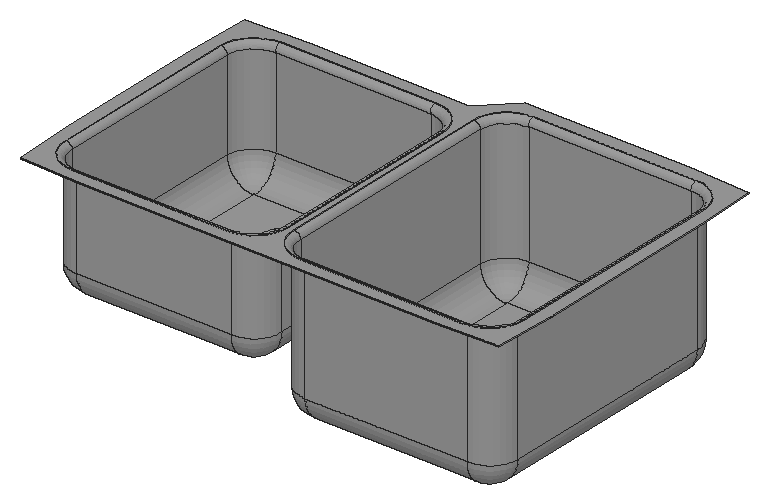
Revit family "equip-sink-undr-elkay-double-lustertone-l", category Plumbing Fixtures, Revit 2019
Family settings
  Round Connector Dimension = Use Radius
  Part Type = Normal
  OmniClass Number = 23.45.05.14.14.27
  OmniClass Title = Service Sinks
  Work Plane-Based = No
  Always vertical = Yes
  Cut with Voids When Loaded = No
  Shared = No
  Room Calculation Point = No
Parameters (values of type "ByType")
  URL = "www.elkayusa.com"
  Specification Sheet URL = "http://www.elkayusa.com/cps/rde/xbcr/elkay/01-108F_ELUH3120L_R.pdf"
  Sink Width Right = 1' - 8 1/2"  # constant formula
  Sink Width Left = 1' - 6 1/2"  # constant formula
  Sink Material = Metal - Steel - Stainless - Chrome
  Sink Length = 2' - 7 1/4"
  Sink Ledge Sides Width = Sink Ledge Corner Width  # 0' - 1 1/4"
  Sink Ledge Front Width = Sink Ledge Corner Width  # 0' - 1 1/4"
  Sink Ledge Corner Width = 0' - 1 1/4"  # constant formula
  Sink Ledge Back Width = Sink Ledge Corner Width  # 0' - 1 1/4"
  Sink Depth Left = 0' - 7 7/8"
  Sink Bowl Formula = ((Sink Length - Sink Ledge Sides Width - Sink Ledge Sides Width - Partition Width) / 2)  # 1' - 1 3/4"
  Sanitary Flow Rate = 10 GPM
  Right Bowl Length = Sink Length - Left Bowl Length - Sink Ledge Sides Width - Sink Ledge Sides Width - Partition Width  # 1' - 2"
  Model Number = "ELUH3120L"
  Drain Location Right Bowl = 0' - 5"
  Sink Depth Right = 0' - 9 7/8"
  Partition Width = 0' - 1 1/4"  # constant formula
  OmniClass Title = "Service Sinks"
  OmniClass Code = "23.45.05.14.14.27"
  Nominal Radius = Nominal Dia / 2  # 0' - 0 3/4"
  Nominal Dia = 0' - 1 1/2"
  Model = "Lustertone Undermount"
  Minimum Cabinet Width = ""
  MasterFormat Title = "Commercial Sinks"
  MasterFormat Number = "22.42.16.16"
  Manufacturer = "Elkay Manufacturing"
  Locked Dimension = 0' - 0 27/64"  # constant formula
  Drain Location Left Bowl = 0' - 5"
  Description = "Lustertone Double Bowl Sink"
  Deep Specification Sheet URL = ""
  Date Created = "2011-04-10"
  Custom Bowl = CL Left Bowl to CL Partition > 0' 0"  # yes
  Custom Bowl Length = ((Sink Length - Sink Ledge Sides Width - Sink Ledge Sides Width - Partition Width) / 2) - CL Left Bowl to CL Partition  # 1' - 1 1/2"
  CL Sink to CL Partition Hidden = if(Custom Bowl, CL Left Bowl to CL Partition, 0' 0")  # 0' - 0 1/4"
  CL Left Bowl to CL Partition = 0' - 0 1/4"
  Bowl Width = (Sink Width Left - Sink Ledge Front Width - Sink Ledge Back Width)  # 1' - 4"
  Bowl Length = ((Sink Length - Sink Ledge Sides Width - Sink Ledge Sides Width - Partition Width) / 2)  # 1' - 1 3/4"
  Left Bowl Length = if(Custom Bowl, Custom Bowl Length, Sink Bowl Formula)  # 1' - 1 1/2"
  Assembly Code = "D2010410"
Reference planes (in)
  plane 1 "CL Sink Hole": y = 3
  plane 2 "Top": z = 0
  plane 3 "Center (Left/Right)": x = 0
  plane 4 "Basin Edge Left": x = -14.375
  plane 5 "Basin Edge Right": x = 14.375
  plane 6 "Basin Edge Back": y = 8
  plane 7 "Basin Edge Front": y = -8
  plane 8 "Left": x = -15.625
  plane 9 "Right": x = 15.625
  plane 10 "Back": y = 9.25
  plane 11 "Front": y = -9.25
  plane 12 "Sink Angle Back Corner": y = 9.07923
  plane 13 "Sink Angle Right Corner": x = 15.45179
  plane 14 "Sink Angle Right": x = 11.5
  plane 15 "Sink Angle Back": y = 5.125
  plane 16 "Sink Angle Left": x = -11.5
  plane 17 "Sink Angle Left Corner": x = -15.45313
  plane 18 "Sink Angle Front Corner": y = -9.07813
  plane 19 "Sink Angle Front": y = -5.125
  plane 20 "Edge Opening Right": x = 14.79688
  plane 21 "Edge Opening Left": x = -14.79687
  plane 22 "Sink Bowl Bottom (Top Face)": z = -7.875
  plane 23 "Sink Top Piece Bottom Face": z = -0.0625
  plane 24 "Left Sink Bottom Piece Right Edge": x = -2.5625
  plane 25 "Top Radius Corner Prot": z = -0.42188
  plane 26: z = -6.1875
  plane 27 "Sink Bowl Bottom (Bottom Face)": z = -7.9375
  plane 28 "Left Sink Bottom Piece Left Edge": x = -12.6875
  plane 29 "Sink Bottom Piece Right Edge": x = 12.6875
  plane 30 "Sink Bottom Piece Back Edge": y = 6.3125
  plane 31 "Sink Bottom Piece Front Edge": y = -6.3125
  plane 32 "Center (Front/Back)": y = 0
  plane 33 "CL PARTITION": x = -0.25
  plane 34 "LEFT BOWL RIGHT EDGE": x = -0.875
  plane 35 "RIGHT BOWL LEFT EDGE": x = 0.375
  plane 36 "Sink Bottom Piece Left Edge": x = 2.0625
  plane 37 "Left Bowl CL Drain": x = -7.625
  plane 38 "Right Bowl CL Drain": x = 7.375
  plane 39 "Left Sink Top Right Radius Out Edge": x = -0.45312
  plane 40 "Edge Opening Front": y = -8.42188
  plane 41 "Right Sink Right Edge Radius": x = 12.625
  plane 42 "Front Edge Bottom Edge Radius": y = -6.25
  plane 43 "Right Sink Left Bottom Edge Radius": x = 2.125
  plane 44 "Back Edge Bottom Edge Radius": y = 6.25
  plane 45 "Middle Right Edge": x = -0.04688
  plane 46 "Edge Opening Back": y = 8.42187
  plane 47 "Left Bowl Right Edge Bottom Radius": x = -2.625
  plane 48 "Left Bowl Bottom Edge Radius": x = -12.625
  plane 49 "Masking Region": z = 1.25157
  plane 50 "Sink Drain Elev Bottom": z = -9.375
  plane 51 "Sink Drain Elev Top": z = -9.125
  plane 52 "Back Right Side": y = 11.25
  plane 53 "Right Bowl Basin Edge Back": y = 10
  plane 54 "Right Sink Angle Back Corner": y = 11.07923
  plane 55 "Right Bowl Sink Angle Back": y = 7.125
  plane 56 "Right Bowl Sink Bottom Piece Back Edge": y = 8.3125
  plane 57 "Right Bowl Back Edge Bottom Edge Radius": y = 8.25
  plane 58 "Right Bowl Edge Opening Back": y = 10.42187
  plane 59 "Right Bowl Inside Radius Tangent Left": x = 1.40013
  plane 60 "Right Bowl Inside Radius Tangent Back": y = 8.97487
  plane 61 "Right Bowl CL Sink Hole": y = 5
  plane 62 "Right Bowl Sink Bowl Bottom (Top Face)": z = -9.875
  plane 63: z = -8.1875
  plane 64 "Right Bowl Sink Bottom (Bottom Face)": z = -9.9375
  plane 65 "Right Bowl Sink Drain Elev Bottom": z = -11.375
  plane 66 "Right Bowl Sink Drain Elev Top": z = -11.125
Forms (in)
  Extrusion 1, solid, material "Metal - Steel - Stainless - Chrome" <- "Sink Material"
    sketch origin (0, 0, 0) x (1, 0, 0) y (0, 1, 0)
      loop
        arc (-0.45312, 6.25) -> (-1.08925, 7.78575) -> (-2.625, 8.42187) r 2.17188
        line (-2.625, 8.42187) -> (-12.625, 8.42187)
        arc (-12.625, 8.42187) -> (-14.16075, 7.78575) -> (-14.79688, 6.25) r 2.17187
        line (-14.79688, 6.25) -> (-14.79688, -6.25)
        arc (-14.79688, -6.25) -> (-14.16075, -7.78575) -> (-12.625, -8.42188) r 2.17188
        line (-12.625, -8.42188) -> (-2.625, -8.42188)
        arc (-2.625, -8.42188) -> (-1.08925, -7.78575) -> (-0.45312, -6.25) r 2.17188
        line (-0.45312, -6.25) -> (-0.45312, 6.25)
      loop
        line (2.125, -8.42188) -> (12.625, -8.42188)
        arc (12.625, -8.42188) -> (14.16075, -7.78575) -> (14.79688, -6.25) r 2.17188
        line (14.79688, -6.25) -> (14.79688, 8.25)
        arc (14.79688, 8.25) -> (14.16075, 9.78575) -> (12.625, 10.42187) r 2.17188
        line (12.625, 10.42187) -> (2.125, 10.42187)
        arc (2.125, 10.42187) -> (0.58925, 9.78575) -> (-0.04688, 8.25) r 2.17188
        line (-0.04688, 8.25) -> (-0.04688, -6.25)
        arc (-0.04688, -6.25) -> (0.58925, -7.78575) -> (2.125, -8.42188) r 2.17188
      loop
        line (15.625, 7.125) -> (15.45179, 11.07923) -> (11.5, 11.25) -> (0.88236, 11.25) -> (-1.11764, 9.25) -> (-11.5, 9.25) -> (-15.45313, 9.07923) -> (-15.625, 5.125) -> (-15.625, -5.125) -> (-15.45313, -9.07813) -> (-11.5, -9.25) -> (11.5, -9.25) -> (15.45179, -9.07813) -> (15.625, -5.125) -> (15.625, 7.125)
    from -0.0625 to 0
  Extrusion 2, solid, material "Metal - Steel - Stainless - Chrome" <- "Sink Material"
    sketch origin (0, 0, 0) x (1, 0, 0) y (0, 1, 0)
      loop
        arc (-12.625, 6.3125) -> (-12.66919, 6.29419) -> (-12.6875, 6.25) r 0.0625
        line (-12.6875, 6.25) -> (-12.6875, -6.25)
        arc (-12.6875, -6.25) -> (-12.66919, -6.29419) -> (-12.625, -6.3125) r 0.0625
        line (-12.625, -6.3125) -> (-2.625, -6.3125)
        arc (-2.625, -6.3125) -> (-2.58081, -6.29419) -> (-2.5625, -6.25) r 0.0625
        line (-2.5625, -6.25) -> (-2.5625, 6.25)
        arc (-2.5625, 6.25) -> (-2.58081, 6.29419) -> (-2.625, 6.3125) r 0.0625
        line (-2.625, 6.3125) -> (-12.625, 6.3125)
      loop
        circle (-7.625, 3) r 2.25
    from -7.9375 to -7.875
  Sweep 3, solid, material "Metal - Steel - Stainless - Chrome" <- "Sink Material"
    path origin (-14.75, 0, -7.875) x (-1, 0, 0) y (0, -1, 0)
      loop
        circle (-7.125, -3) r 2.25
    profile "profile-elkay-sink-hole-3 : profile-elkay-sink-hole-3" origin (-7.625, 0.75, -7.875) x (0, 1, 0) y (0, 0, 1)
      loop
        line (0.5, -0.29111) -> (0.15646, -0.13437)
        arc (0.15646, -0.13437) -> (0.14249, -0.12559) -> (0.13131, -0.11346) r 0.0625
        line (0.13131, -0.11346) -> (0.08817, -0.05226)
        arc (0.08817, -0.05226) -> (0.05064, -0.01507) -> (0, 0) r 0.1086
        line (0, 0) -> (0, -0.04618)
        arc (0, -0.04618) -> (0.02621, -0.05419) -> (0.04646, -0.07265) r 0.0625
        line (0.04646, -0.07265) -> (0.09341, -0.13969)
        arc (0.09341, -0.13969) -> (0.11294, -0.16097) -> (0.13739, -0.17634) r 0.1086
        line (0.13739, -0.17634) -> (0.5, -0.34178) -> (0.5, -0.29111)
  Extrusion 4, solid, material "Metal - Steel - Stainless - Chrome" <- "Sink Material"
    sketch origin (0, 0, 0) x (1, 0, 0) y (0, 1, 0)
      loop
        arc (2.0625, -6.25) -> (2.08081, -6.29419) -> (2.125, -6.3125) r 0.0625
        line (2.125, -6.3125) -> (12.625, -6.3125)
        arc (12.625, -6.3125) -> (12.66919, -6.29419) -> (12.6875, -6.25) r 0.0625
        line (12.6875, -6.25) -> (12.6875, 8.25)
        arc (12.6875, 8.25) -> (12.66919, 8.29419) -> (12.625, 8.3125) r 0.0625
        line (12.625, 8.3125) -> (2.125, 8.3125)
        arc (2.125, 8.3125) -> (2.08081, 8.29419) -> (2.0625, 8.25) r 0.0625
        line (2.0625, 8.25) -> (2.0625, -6.25)
      loop
        circle (7.375, 5) r 2.25
    from -9.9375 to -9.875
  Sweep 5, solid, material "Metal - Steel - Stainless - Chrome" <- "Sink Material"
    path origin (0, 0, -9.875) x (-1, 0, 0) y (0, -1, 0)
      loop
        circle (-7.375, -5) r 2.25
    profile "profile-elkay-sink-hole-3 : profile-elkay-sink-hole-3" origin (7.375, 2.75, -9.875) x (0, 1, 0) y (0, 0, 1)
      loop
        line (0.5, -0.29111) -> (0.15646, -0.13437)
        arc (0.15646, -0.13437) -> (0.14249, -0.12559) -> (0.13131, -0.11346) r 0.0625
        line (0.13131, -0.11346) -> (0.08817, -0.05226)
        arc (0.08817, -0.05226) -> (0.05064, -0.01507) -> (0, 0) r 0.1086
        line (0, 0) -> (0, -0.04618)
        arc (0, -0.04618) -> (0.02621, -0.05419) -> (0.04646, -0.07265) r 0.0625
        line (0.04646, -0.07265) -> (0.09341, -0.13969)
        arc (0.09341, -0.13969) -> (0.11294, -0.16097) -> (0.13739, -0.17634) r 0.1086
        line (0.13739, -0.17634) -> (0.5, -0.34178) -> (0.5, -0.29111)
  Sweep 6, solid, material "Metal - Steel - Stainless - Chrome" <- "Sink Material"
    path origin (0, 0, 0) x (1, 0, 0) y (0, 1, 0)
      loop
        line (2.125, -8) -> (12.625, -8)
        arc (12.625, -8) -> (13.86244, -7.48744) -> (14.375, -6.25) r 1.75
        line (14.375, -6.25) -> (14.375, 8.25)
        arc (14.375, 8.25) -> (13.86244, 9.48744) -> (12.625, 10) r 1.75
        line (12.625, 10) -> (2.125, 10)
        arc (2.125, 10) -> (0.88756, 9.48744) -> (0.375, 8.25) r 1.75
        line (0.375, 8.25) -> (0.375, -6.25)
        arc (0.375, -6.25) -> (0.88756, -7.48744) -> (2.125, -8) r 1.75
    profile origin (7.375, -8, 0) x (0, 1, 0) y (0, 0, 1)
      loop
        arc (0, -0.42188) -> (-0.12356, -0.12356) -> (-0.42187, 0) r 0.42188
        line (-0.42187, 0) -> (-0.42187, -0.0625)
        arc (-0.42187, -0.0625) -> (-0.16776, -0.16776) -> (-0.0625, -0.42188) r 0.35938
        line (-0.0625, -0.42188) -> (-0.0625, -8.1875)
        arc (-0.0625, -8.1875) -> (0.45006, -9.42494) -> (1.6875, -9.9375) r 1.75
        line (1.6875, -9.9375) -> (1.6875, -9.875)
        arc (1.6875, -9.875) -> (0.49426, -9.38074) -> (0, -8.1875) r 1.6875
        line (0, -8.1875) -> (0, -0.42188)
  Sweep 7, solid, material "Metal - Steel - Stainless - Chrome" <- "Sink Material"
    path origin (0, 0, 0) x (1, 0, 0) y (0, 1, 0)
      loop
        line (-12.625, -8) -> (-2.625, -8)
        arc (-2.625, -8) -> (-1.38756, -7.48744) -> (-0.875, -6.25) r 1.75
        line (-0.875, -6.25) -> (-0.875, 6.25)
        arc (-0.875, 6.25) -> (-1.38756, 7.48744) -> (-2.625, 8) r 1.75
        line (-2.625, 8) -> (-12.625, 8)
        arc (-12.625, 8) -> (-13.86244, 7.48744) -> (-14.375, 6.25) r 1.75
        line (-14.375, 6.25) -> (-14.375, -6.25)
        arc (-14.375, -6.25) -> (-13.86244, -7.48744) -> (-12.625, -8) r 1.75
    profile origin (-7.625, -8, 0) x (0, 1, 0) y (0, 0, 1)
      loop
        arc (0, -0.42188) -> (-0.12356, -0.12356) -> (-0.42187, 0) r 0.42188
        line (-0.42187, 0) -> (-0.42187, -0.0625)
        arc (-0.42187, -0.0625) -> (-0.16776, -0.16776) -> (-0.0625, -0.42188) r 0.35938
        line (-0.0625, -0.42188) -> (-0.0625, -6.1875)
        arc (-0.0625, -6.1875) -> (0.45006, -7.42494) -> (1.6875, -7.9375) r 1.75
        line (1.6875, -7.9375) -> (1.6875, -7.875)
        arc (1.6875, -7.875) -> (0.49426, -7.38074) -> (0, -6.1875) r 1.6875
        line (0, -6.1875) -> (0, -0.42188)
  Extrusion 8, solid, material "Glass", not visible
    sketch origin (0, 0, -9.125) x (0, -1, 0) y (1, 0, 0)
      loop
        circle (-3, -7.625) r 0.75
    from 0 to -0.25
  Extrusion 9, solid, material "Glass", not visible
    sketch origin (0, 8, -9.125) x (0, -1, 0) y (1, 0, 0)
      loop
        circle (3, 7.375) r 0.75
    from -2.25 to -2
Cuts and joins
  joined: Extrusion 2, Sweep 3, Sweep 7
  joined: Extrusion 4, Sweep 5, Sweep 6
Lines and regions (in)
  Masking region 1
    outline origin (0, 0, 1.25157) x (-1, 0, 0) y (0, -1, 0)
      loop
        arc (12.625, -8.42187) -> (14.16075, -7.78575) -> (14.79688, -6.25) r 2.17187
        line (14.79688, -6.25) -> (14.79688, 6.25)
        arc (14.79688, 6.25) -> (14.16075, 7.78575) -> (12.625, 8.42188) r 2.17188
        line (12.625, 8.42188) -> (-12.625, 8.42188)
        arc (-12.625, 8.42188) -> (-14.16075, 7.78575) -> (-14.79688, 6.25) r 2.17188
        line (-14.79688, 6.25) -> (-14.79688, -8.25)
        arc (-14.79688, -8.25) -> (-14.16075, -9.78575) -> (-12.625, -10.42187) r 2.17188
        line (-12.625, -10.42187) -> (-2.125, -10.42187)
        arc (-2.125, -10.42187) -> (-1.29386, -10.25655) -> (-0.58925, -9.78575) r 2.17188
        line (-0.58925, -9.78575) -> (0.77462, -8.42187) -> (12.625, -8.42187)
  reference lines, not visible
    curve 1: line (11.5, 9.25, 0) -> (15.45179, 9.07923, 0)
    curve 2: line (15.45179, 9.07923, 0) -> (15.625, 5.125, 0)
    curve 3: line (-11.5, 9.25, 0) -> (-15.45313, 9.07923, 0)
    curve 4: line (-15.45313, 9.07923, 0) -> (-15.625, 5.125, 0)
    curve 5: line (-15.625, -5.125, 0) -> (-15.45313, -9.07813, 0)
    curve 6: line (-15.45313, -9.07813, 0) -> (-11.5, -9.25, 0)
    curve 7: line (15.625, -5.125, 0) -> (15.45179, -9.07813, 0)
    curve 8: line (15.45179, -9.07813, 0) -> (11.5, -9.25, 0)
    curve 9: arc (-0.875, 3, -6.1875) -> (-1.36926, 3, -7.38074) -> (-2.5625, 3, -7.875) r 1.6875
    curve 10: arc (-14.375, 3, -6.1875) -> (-13.88074, 3, -7.38074) -> (-12.6875, 3, -7.875) r 1.6875
    curve 11: arc (-0.875, 3, -0.42188) -> (-0.75144, 3, -0.12356) -> (-0.45312, 3, 0) r 0.42188
    curve 12: arc (0, -6.3125, -7.875) -> (0, -7.50574, -7.38074) -> (0, -8, -6.1875) r 1.6875
    curve 13: arc (0, -8, -0.42188) -> (0, -8.12356, -0.12356) -> (0, -8.42188, 0) r 0.42188
    curve 14: arc (12.6875, 6.25, 0) -> (12.66919, 6.29419, 0) -> (12.625, 6.3125, 0) r 0.0625
    curve 15: arc (2.0625, 6.25, 0) -> (2.08081, 6.29419, 0) -> (2.125, 6.3125, 0) r 0.0625
    curve 16: arc (2.125, -6.3125, 0) -> (2.08081, -6.29419, 0) -> (2.0625, -6.25, 0) r 0.0625
    curve 17: arc (12.6875, -6.25, 0) -> (12.66919, -6.29419, 0) -> (12.625, -6.3125, 0) r 0.0625
    curve 18: arc (2.125, 8, 0) -> (0.88756, 7.48744, 0) -> (0.375, 6.25, 0) r 1.75
    curve 19: arc (14.375, 6.25, 0) -> (13.86244, 7.48744, 0) -> (12.625, 8, 0) r 1.75
    curve 20: arc (14.375, -6.25, 0) -> (13.86244, -7.48744, 0) -> (12.625, -8, 0) r 1.75
    curve 21: arc (2.125, -8, 0) -> (0.88756, -7.48744, 0) -> (0.375, -6.25, 0) r 1.75
    curve 23: arc (-0.04688, 6.25, 0) -> (0.58925, 7.78575, 0) -> (2.125, 8.42187, 0) r 2.17188
    curve 24: arc (-0.04688, -6.25, 0) -> (0.58925, -7.78575, 0) -> (2.125, -8.42188, 0) r 2.17188
    curve 25: arc (-2.5625, -6.25, 0) -> (-2.58081, -6.29419, 0) -> (-2.625, -6.3125, 0) r 0.0625
    curve 26: arc (-0.45312, -6.25, 0) -> (-1.08925, -7.78575, 0) -> (-2.625, -8.42188, 0) r 2.17188
    curve 28: arc (-12.625, -6.3125, 0) -> (-12.66919, -6.29419, 0) -> (-12.6875, -6.25, 0) r 0.0625
    curve 29: arc (-12.625, 6.3125, 0) -> (-12.66919, 6.29419, 0) -> (-12.6875, 6.25, 0) r 0.0625
    curve 31: arc (-2.625, 6.3125, 0) -> (-2.58081, 6.29419, 0) -> (-2.5625, 6.25, 0) r 0.0625
    curve 32: arc (-0.45312, 6.25, 0) -> (-1.08925, 7.78575, 0) -> (-2.625, 8.42187, 0) r 2.17188
    curve 34: arc (-2.625, 8, 0) -> (-1.38756, 7.48744, 0) -> (-0.875, 6.25, 0) r 1.75
    curve 35: arc (-12.625, 8, 0) -> (-13.86244, 7.48744, 0) -> (-14.375, 6.25, 0) r 1.75
    curve 36: arc (-14.375, -6.25, 0) -> (-13.86244, -7.48744, 0) -> (-12.625, -8, 0) r 1.75
    curve 37: arc (-0.875, -6.25, 0) -> (-1.38756, -7.48744, 0) -> (-2.625, -8, 0) r 1.75
    curve 50: circle (-7.625, 3, 0) r 2.25 normal (0, 0, 1)
    curve 51: circle (-7.625, 3, 0) r 1.75 normal (0, 0, 1)
    curve 54: circle (-7.625, 3, -9.375) r 0.75 normal (0, 0, 1)
    curve 61: arc (0.375, 8.25, 0) -> (0.88756, 9.48744, 0) -> (2.125, 10, 0) r 1.75
    curve 62: arc (-0.04688, 8.25, 0) -> (0.58925, 9.78575, 0) -> (2.125, 10.42187, 0) r 2.17188
    curve 72: line (1.40013, 10, 0) -> (0.375, 8.97487, 0)
    curve 73: line (1.40013, 11.76777, 0) -> (-7.94577, 2.42187, 0)
    curve 74: line (1.10182, 10.29831, 0) -> (0.07669, 9.27318, 0)
  reference lines
    curve 22: arc (14.79688, 6.25, 0) -> (14.16075, 7.78575, 0) -> (12.625, 8.42187, 0) r 2.17188
    curve 27: arc (-12.625, -8.42188, 0) -> (-14.16075, -7.78575, 0) -> (-14.79688, -6.25, 0) r 2.17188
    curve 30: arc (-12.625, 8.42187, 0) -> (-14.16075, 7.78575, 0) -> (-14.79688, 6.25, 0) r 2.17187
    curve 33: arc (14.79688, -6.25, 0) -> (14.16075, -7.78575, 0) -> (12.625, -8.42188, 0) r 2.17188
    curve 55: line (15.45179, 11.07923, 0) -> (11.5, 11.25, 0)
    curve 56: line (15.45179, 11.07923, 0) -> (15.625, 7.125, 0)
    curve 57: arc (12.6875, 8.25, 0) -> (12.66919, 8.29419, 0) -> (12.625, 8.3125, 0) r 0.0625
    curve 58: arc (14.375, 8.25, 0) -> (13.86244, 9.48744, 0) -> (12.625, 10, 0) r 1.75
    curve 59: arc (14.79688, 8.25, 0) -> (14.16075, 9.78575, 0) -> (12.625, 10.42187, 0) r 2.17188
    curve 60: arc (2.0625, 8.25, 0) -> (2.08081, 8.29419, 0) -> (2.125, 8.3125, 0) r 0.0625
    curve 63: circle (7.375, 5, 0) r 1.75 normal (0, 0, 1)
    curve 64: circle (7.375, 5, 0) r 2.25 normal (0, 0, 1)
    curve 65: arc (0, -6.3125, -9.875) -> (0, -7.50574, -9.38074) -> (0, -8, -8.1875) r 1.6875
    curve 66: circle (7.375, 5, -11.375) r 0.75 normal (0, 0, 1)
  symbolic lines, style "Sinks"
    curve 38: line (-12.625, 8, 1.25157) -> (-2.625, 8, 1.25157)
    curve 39: line (-0.875, 6.25, 1.25157) -> (-0.875, -6.25, 1.25157)
    curve 40: line (0.375, 8.25, 1.25157) -> (0.375, -6.25, 1.25157)
    curve 41: line (-12.625, -8, 1.25157) -> (-2.625, -8, 1.25157)
    curve 42: line (-14.375, 6.25, 1.25157) -> (-14.375, -6.25, 1.25157)
    curve 43: arc (-14.375, -6.25, 1.25157) -> (-13.86244, -7.48744, 1.25157) -> (-12.625, -8, 1.25157) r 1.75
    curve 44: arc (-0.875, -6.25, 1.25157) -> (-1.38756, -7.48744, 1.25157) -> (-2.625, -8, 1.25157) r 1.75
    curve 45: arc (2.125, -8, 1.25157) -> (0.88756, -7.48744, 1.25157) -> (0.375, -6.25, 1.25157) r 1.75
    curve 46: arc (14.375, -6.25, 1.25157) -> (13.86244, -7.48744, 1.25157) -> (12.625, -8, 1.25157) r 1.75
    curve 47: arc (-2.625, 8, 1.25157) -> (-1.38756, 7.48744, 1.25157) -> (-0.875, 6.25, 1.25157) r 1.75
    curve 48: line (2.125, -8, 1.25157) -> (12.625, -8, 1.25157)
    curve 49: arc (-12.625, 8, 1.25157) -> (-13.86244, 7.48744, 1.25157) -> (-14.375, 6.25, 1.25157) r 1.75
    curve 52: circle (-7.625, 3, 1.25157) r 1.75 normal (0, 0, 1)
    curve 53: circle (-7.625, 3, 1.25157) r 2.25 normal (0, 0, 1)
    curve 67: line (2.125, 10, 0) -> (12.625, 10, 0)
    curve 68: arc (0.375, 8.25, 0) -> (0.88756, 9.48744, 0) -> (2.125, 10, 0) r 1.75
    curve 69: arc (14.375, 8.25, 0) -> (13.86244, 9.48744, 0) -> (12.625, 10, 0) r 1.75
    curve 70: circle (7.375, 5, 0) r 2.25 normal (0, 0, 1)
    curve 71: circle (7.375, 5, 0) r 1.75 normal (0, 0, 1)
    curve 75: line (14.375, 8.25, 0) -> (14.375, -6.25, 0)
Dimensions and locks (in)
  "Sink Ledge Sides Width": plane 8 "Left" to plane 4 "Basin Edge Left"
  "Sink Ledge Sides Width": plane 5 "Basin Edge Right" to plane 9 "Right"
  "Sink Length": plane 8 "Left" to plane 9 "Right"
  "Drain Location Left Bowl": plane 6 "Basin Edge Back" to plane 1 "CL Sink Hole"
  "Sink Ledge Back Width": plane 10 "Back" to plane 6 "Basin Edge Back"
  "Sink Ledge Front Width": plane 7 "Basin Edge Front" to plane 11 "Front"
  locked: plane 13 "Sink Angle Right Corner" to plane 9 "Right" at 0.17321
  locked: plane 10 "Back" to plane 12 "Sink Angle Back Corner" at 0.17077
  locked: plane 14 "Sink Angle Right" to plane 9 "Right" at 4.125
  locked: plane 10 "Back" to plane 15 "Sink Angle Back" at 4.125
  locked: plane 8 "Left" to plane 17 "Sink Angle Left Corner" at 0.17187
  locked: plane 8 "Left" to plane 16 "Sink Angle Left" at 4.125
  locked: plane 18 "Sink Angle Front Corner" to plane 11 "Front" at 0.17187
  locked: plane 19 "Sink Angle Front" to plane 11 "Front" at 4.125
  "Sink Width Left": plane 10 "Back" to plane 11 "Front"
  locked: plane 21 "Edge Opening Left" to plane 4 "Basin Edge Left" at 0.42188
  locked: plane 31 "Sink Bottom Piece Front Edge" to plane 7 "Basin Edge Front" at 1.6875
  locked: plane 4 "Basin Edge Left" to plane 28 "Left Sink Bottom Piece Left Edge" at 1.6875
  locked: plane 29 "Sink Bottom Piece Right Edge" to plane 5 "Basin Edge Right" at 1.6875
  locked: plane 6 "Basin Edge Back" to plane 30 "Sink Bottom Piece Back Edge" at 1.6875
  locked: plane 5 "Basin Edge Right" to plane 20 "Edge Opening Right" at 0.42188
  equal spacing: plane 10 "Back", plane 32 "Center (Front/Back)", plane 11 "Front"
  locked: plane 24 "Left Sink Bottom Piece Right Edge" to plane 34 "LEFT BOWL RIGHT EDGE" at 1.6875
  locked: plane 35 "RIGHT BOWL LEFT EDGE" to plane 36 "Sink Bottom Piece Left Edge" at 1.6875
  equal spacing: plane 8 "Left", plane 3 "Center (Left/Right)", plane 9 "Right"
  equal spacing: plane 4 "Basin Edge Left", plane 37 "Left Bowl CL Drain", plane 34 "LEFT BOWL RIGHT EDGE"
  equal spacing: plane 35 "RIGHT BOWL LEFT EDGE", plane 38 "Right Bowl CL Drain", plane 5 "Basin Edge Right"
  "CL Sink to CL Partition Hidden": plane 33 "CL PARTITION" to plane 3 "Center (Left/Right)"
  "Partition Width": plane 34 "LEFT BOWL RIGHT EDGE" to plane 35 "RIGHT BOWL LEFT EDGE"
  equal spacing: plane 34 "LEFT BOWL RIGHT EDGE", plane 33 "CL PARTITION", plane 35 "RIGHT BOWL LEFT EDGE"
  locked: plane 34 "LEFT BOWL RIGHT EDGE" to plane 39 "Left Sink Top Right Radius Out Edge" at 0.42188
  locked: plane 41 "Right Sink Right Edge Radius" to plane 29 "Sink Bottom Piece Right Edge" at 0.0625
  locked: plane 42 "Front Edge Bottom Edge Radius" to plane 31 "Sink Bottom Piece Front Edge" at 0.0625
  locked: plane 36 "Sink Bottom Piece Left Edge" to plane 43 "Right Sink Left Bottom Edge Radius" at 0.0625
  locked: plane 30 "Sink Bottom Piece Back Edge" to plane 44 "Back Edge Bottom Edge Radius" at 0.0625
  locked: plane 45 "Middle Right Edge" to plane 35 "RIGHT BOWL LEFT EDGE" at 0.42188
  locked: plane 46 "Edge Opening Back" to plane 6 "Basin Edge Back" at 0.42188
  locked: plane 7 "Basin Edge Front" to plane 40 "Edge Opening Front" at 0.42187
  locked: plane 47 "Left Bowl Right Edge Bottom Radius" to plane 24 "Left Sink Bottom Piece Right Edge" at 0.0625
  locked: plane 28 "Left Sink Bottom Piece Left Edge" to plane 48 "Left Bowl Bottom Edge Radius" at 0.0625
  "Sink Depth Left": plane 2 "Top" to plane 22 "Sink Bowl Bottom (Top Face)"
  locked: plane 2 "Top" to plane 25 "Top Radius Corner Prot" at 0.42188
  locked: plane 2 "Top" to plane 23 "Sink Top Piece Bottom Face" at 0.0625
  locked: plane 26 to plane 22 "Sink Bowl Bottom (Top Face)" at 1.6875
  locked: plane 22 "Sink Bowl Bottom (Top Face)" to plane 27 "Sink Bowl Bottom (Bottom Face)" at 0.0625
  locked: plane 49 "Masking Region" to plane 2 "Top" at 1.25157
  locked: plane 22 "Sink Bowl Bottom (Top Face)" to plane 50 "Sink Drain Elev Bottom" at 1.5
  locked: plane 51 "Sink Drain Elev Top" to plane 50 "Sink Drain Elev Bottom" at 0.25
  "Sink Width Right": plane 52 "Back Right Side" to plane 11 "Front"
  locked: plane 53 "Right Bowl Basin Edge Back" to plane 56 "Right Bowl Sink Bottom Piece Back Edge" at 1.6875
  locked: plane 56 "Right Bowl Sink Bottom Piece Back Edge" to plane 57 "Right Bowl Back Edge Bottom Edge Radius" at 0.0625
  locked: plane 58 "Right Bowl Edge Opening Back" to plane 53 "Right Bowl Basin Edge Back" at 0.42188
  locked: plane 52 "Back Right Side" to plane 55 "Right Bowl Sink Angle Back" at 4.125
  locked: plane 57 "Right Bowl Back Edge Bottom Edge Radius" to plane 60 "Right Bowl Inside Radius Tangent Back" at 0.72487
  locked: plane 59 "Right Bowl Inside Radius Tangent Left" to plane 43 "Right Sink Left Bottom Edge Radius" at 0.72487
  "Drain Location Right Bowl": plane 53 "Right Bowl Basin Edge Back" to plane 61 "Right Bowl CL Sink Hole"
  locked: plane 66 "Right Bowl Sink Drain Elev Top" to plane 65 "Right Bowl Sink Drain Elev Bottom" at 0.25
  locked: plane 63 to plane 62 "Right Bowl Sink Bowl Bottom (Top Face)" at 1.6875
  locked: plane 62 "Right Bowl Sink Bowl Bottom (Top Face)" to plane 64 "Right Bowl Sink Bottom (Bottom Face)" at 0.0625
  locked: plane 62 "Right Bowl Sink Bowl Bottom (Top Face)" to plane 65 "Right Bowl Sink Drain Elev Bottom" at 1.5
  "Sink Depth Right": plane 2 "Top" to plane 62 "Right Bowl Sink Bowl Bottom (Top Face)"
  "Sink Ledge Corner Width": curve 73 to curve 72
  "Locked Dimension": curve 74 to curve 72
  "Sink Ledge Back Width": plane 53 "Right Bowl Basin Edge Back" to plane 52 "Back Right Side"
  locked: plane 52 "Back Right Side" to plane 54 "Right Sink Angle Back Corner" at 0.17077
  "Nominal Radius": radius of curve 54
  "Nominal Radius": radius of curve 66
  angle plane 52 "Back Right Side" to curve 73 = 45.00°
  angle plane 52 "Back Right Side" to curve 74 = 45.00°
  aligned: Extrusion 1 to plane 23 "Sink Top Piece Bottom Face"
  aligned and locked: Extrusion 2 to plane 27 "Sink Bowl Bottom (Bottom Face)"
  aligned and locked: plane 22 "Sink Bowl Bottom (Top Face)" to Extrusion 2
  aligned: Extrusion 4 to plane 22 "Sink Bowl Bottom (Top Face)"
  aligned: Extrusion 4 to plane 27 "Sink Bowl Bottom (Bottom Face)"
  aligned: plane 22 "Sink Bowl Bottom (Top Face)" to Extrusion 4
  aligned and locked: Extrusion 4 sketch curve to curve 17
  aligned and locked: Extrusion 4 sketch curve to curve 16
  aligned and locked: Sweep 6 sketch curve to curve 20
  aligned and locked: Sweep 6 sketch curve to curve 21
  aligned and locked: Sweep 6 sketch curve to curve 13
  aligned and locked: Extrusion 1 sketch curve to curve 32
  aligned and locked: Extrusion 1 sketch curve to curve 30
  aligned and locked: Extrusion 1 sketch curve to curve 27
  aligned and locked: Extrusion 1 sketch curve to curve 26
  aligned and locked: Extrusion 1 sketch curve to curve 24
  aligned and locked: Extrusion 1 sketch curve to curve 33
  aligned and locked: Extrusion 2 sketch curve to curve 29
  aligned and locked: Extrusion 2 sketch curve to curve 31
  aligned and locked: Extrusion 2 sketch curve to curve 25
  aligned and locked: Extrusion 2 sketch curve to curve 28
  aligned and locked: Sweep 7 sketch curve to curve 34
  aligned and locked: Sweep 7 sketch curve to curve 37
  aligned and locked: Sweep 7 sketch curve to curve 36
  aligned and locked: Sweep 7 sketch curve to curve 35
  aligned and locked: Sweep 7 sketch curve to curve 13
  aligned and locked: Sweep 7 sketch curve to curve 12
  aligned and locked: Sweep 7 sketch curve to plane 40 "Edge Opening Front"
  aligned and locked: Sweep 7 sketch curve to plane 31 "Sink Bottom Piece Front Edge"
  aligned and locked: Extrusion 1 sketch curve to plane 9 "Right"
  aligned and locked: Extrusion 1 sketch curve to plane 10 "Back"
  aligned and locked: Extrusion 1 sketch curve to curve 3
  aligned and locked: Extrusion 1 sketch curve to curve 4
  aligned and locked: Extrusion 1 sketch curve to plane 8 "Left"
  aligned and locked: Extrusion 1 sketch curve to plane 11 "Front"
  aligned and locked: Extrusion 1 sketch curve to curve 5
  aligned and locked: Extrusion 1 sketch curve to curve 6
  aligned and locked: Extrusion 1 sketch curve to curve 7
  aligned and locked: Extrusion 1 sketch curve to curve 8
  aligned and locked: Masking region 1 sketch curve to curve 27
  aligned and locked: Masking region 1 sketch curve to curve 30
  aligned and locked: Masking region 1 sketch curve to curve 33
  aligned and locked: plane 2 "Top" to Extrusion 1
  aligned and locked: Extrusion 1 to plane 23 "Sink Top Piece Bottom Face"
  aligned and locked: curve 43 to curve 36
  aligned and locked: curve 44 to curve 37
  aligned and locked: curve 45 to curve 21
  aligned and locked: curve 46 to curve 20
  aligned and locked: curve 47 to curve 34
  aligned and locked: curve 49 to curve 35
  aligned and locked: Sweep 3 sketch curve to curve 50
  aligned and locked: Extrusion 2 sketch curve to curve 50
  aligned and locked: curve 52 to curve 51
  aligned and locked: curve 53 to curve 50
  aligned and locked: Extrusion 8 to plane 50 "Sink Drain Elev Bottom"
  aligned and locked: plane 51 "Sink Drain Elev Top" to Extrusion 8
  aligned: Extrusion 9 to plane 50 "Sink Drain Elev Bottom"
  aligned: plane 51 "Sink Drain Elev Top" to Extrusion 9
  aligned and locked: Extrusion 1 sketch curve to plane 52 "Back Right Side"
  aligned and locked: Extrusion 1 sketch curve to curve 55
  aligned and locked: Extrusion 1 sketch curve to curve 56
  aligned and locked: Extrusion 1 sketch curve to curve 59
  aligned and locked: Sweep 6 sketch curve to curve 61
  aligned and locked: Sweep 6 sketch curve to curve 58
  aligned and locked: Extrusion 4 sketch curve to curve 60
  aligned and locked: Extrusion 4 sketch curve to curve 57
  aligned and locked: Extrusion 9 sketch curve to curve 66
  aligned and locked: Extrusion 9 to plane 65 "Right Bowl Sink Drain Elev Bottom"
  aligned and locked: plane 66 "Right Bowl Sink Drain Elev Top" to Extrusion 9
  aligned and locked: Sweep 6 sketch curve to curve 65
  aligned and locked: cut or joined group of Extrusion 4, Sweep 5, Sweep 6 to plane 64 "Right Bowl Sink Bottom (Bottom Face)"
  aligned and locked: plane 62 "Right Bowl Sink Bowl Bottom (Top Face)" to cut or joined group of Extrusion 4, Sweep 5, Sweep 6
  aligned and locked: Extrusion 4 sketch curve to curve 64
  aligned and locked: curve 68 to curve 61
  aligned and locked: curve 69 to curve 58
  aligned and locked: curve 70 to curve 64
  aligned and locked: curve 71 to curve 63
  aligned and locked: Masking region 1 sketch curve to curve 59
  aligned and locked: curve 73 to Extrusion 1 sketch curve
  aligned and locked: Extrusion 1 sketch curve to curve 62
  aligned and locked: curve 74 to Masking region 1 sketch curve
Automatic sketch dimensions
  curve 10 to plane 4 "Basin Edge Left" = 0' - 0"
  curve 10 to plane 26 = 0' - 0"
  curve 10 to plane 28 "Left Sink Bottom Piece Left Edge" = 0' - 0"
  curve 9 to plane 22 "Sink Bowl Bottom (Top Face)" = 0' - 0"
  curve 9 to plane 24 "Left Sink Bottom Piece Right Edge" = 0' - 0"
  curve 11 to plane 25 "Top Radius Corner Prot" = 0' - 0"
  curve 11 to plane 34 "LEFT BOWL RIGHT EDGE" = 0' - 0"
  curve 9 to plane 26 = 0' - 0"
  curve 11 to plane 39 "Left Sink Top Right Radius Out Edge" = 0' - 0"
  plane 1 "CL Sink Hole" to Extrusion 8 sketch curve = 0' - 0"
  Extrusion 8 sketch curve to plane 37 "Left Bowl CL Drain" = 0' - 0"
  plane 1 "CL Sink Hole" to curve 54 = 0' - 0"
  curve 54 to plane 37 "Left Bowl CL Drain" = 0' - 0"
  Sweep 6 sketch curve to Sweep 6 sketch curve = 0' - 0"  (x2)
  Sweep 7 sketch curve to Sweep 7 sketch curve = 0' - 0"  (x2)
  profile plane to Sweep 7 sketch curve = 0' - 0 1/16"
  curve 13 to level = 0' - 0"
  curve 13 to plane 40 "Edge Opening Front" = 0' - 0"
  curve 12 to plane 7 "Basin Edge Front" = 0' - 0"
  curve 13 to plane 7 "Basin Edge Front" = 0' - 0"
  curve 65 to plane 7 "Basin Edge Front" = 0' - 0"
  curve 65 to plane 31 "Sink Bottom Piece Front Edge" = 0' - 0"
  curve 12 to plane 26 = 0' - 0"
  curve 12 to plane 31 "Sink Bottom Piece Front Edge" = 0' - 0"
  curve 65 to plane 62 "Right Bowl Sink Bowl Bottom (Top Face)" = 0' - 0"
  Sweep 5 sketch curve to plane 38 "Right Bowl CL Drain" = 0' - 0"
  Sweep 5 sketch curve to plane 61 "Right Bowl CL Sink Hole" = 0' - 0"
  curve 66 to plane 38 "Right Bowl CL Drain" = 0' - 0"
  curve 66 to plane 61 "Right Bowl CL Sink Hole" = 0' - 0"
  profile plane to Sweep 6 sketch curve = 0' - 0 1/16"
  curve 14 to curve 19 = 0' - 0"  (x2)
  curve 14 to curve 22 = 0' - 0"  (x2)
  curve 15 to curve 18 = 0' - 0"  (x2)
  curve 15 to curve 23 = 0' - 0"  (x2)
  curve 16 to curve 21 = 0' - 0"  (x2)
  curve 16 to curve 24 = 0' - 0"  (x2)
  curve 17 to curve 20 = 0' - 0"  (x2)
  curve 17 to curve 33 = 0' - 0"  (x2)
  curve 25 to curve 26 = 0' - 0"  (x2)
  curve 25 to curve 37 = 0' - 0"  (x2)
  curve 27 to curve 28 = 0' - 0"  (x2)
  curve 27 to curve 36 = 0' - 0"  (x2)
  curve 29 to curve 30 = 0' - 0"  (x2)
  curve 29 to curve 35 = 0' - 0"  (x2)
  curve 31 to curve 32 = 0' - 0"  (x2)
  curve 31 to curve 34 = 0' - 0"  (x2)
  curve 50 to curve 51 = 0' - 0"  (x2)
  curve 57 to curve 58 = 0' - 0"  (x2)
  curve 57 to curve 59 = 0' - 0"  (x2)
  curve 60 to curve 61 = 0' - 0"  (x2)
  curve 60 to curve 62 = 0' - 0"  (x2)
  curve 63 to curve 64 = 0' - 0"  (x2)
  curve 5 to plane 8 "Left" = 0' - 0"
  curve 4 to plane 8 "Left" = 0' - 0"
  curve 5 to plane 17 "Sink Angle Left Corner" = 0' - 0"
  curve 4 to plane 12 "Sink Angle Back Corner" = 0' - 0"
  curve 4 to plane 17 "Sink Angle Left Corner" = 0' - 0"
  curve 30 to plane 21 "Edge Opening Left" = 0' - 0"
  curve 27 to plane 21 "Edge Opening Left" = 0' - 0"
  curve 36 to plane 4 "Basin Edge Left" = 0' - 0"
  curve 35 to plane 4 "Basin Edge Left" = 0' - 0"
  curve 28 to plane 28 "Left Sink Bottom Piece Left Edge" = 0' - 0"
  curve 29 to plane 28 "Left Sink Bottom Piece Left Edge" = 0' - 0"
  curve 35 to plane 6 "Basin Edge Back" = 0' - 0"
  curve 35 to plane 48 "Left Bowl Bottom Edge Radius" = 0' - 0"
  curve 36 to plane 7 "Basin Edge Front" = 0' - 0"
  curve 36 to plane 48 "Left Bowl Bottom Edge Radius" = 0' - 0"
  curve 3 to plane 10 "Back" = 0' - 0"
  curve 3 to plane 16 "Sink Angle Left" = 0' - 0"
  curve 6 to plane 11 "Front" = 0' - 0"
  curve 6 to plane 16 "Sink Angle Left" = 0' - 0"
  plane 1 "CL Sink Hole" to curve 50 = 0' - 0"
  curve 50 to plane 37 "Left Bowl CL Drain" = 0' - 0"
  curve 32 to plane 46 "Edge Opening Back" = 0' - 0"
  curve 32 to plane 47 "Left Bowl Right Edge Bottom Radius" = 0' - 0"
  curve 25 to plane 31 "Sink Bottom Piece Front Edge" = 0' - 0"
  curve 25 to plane 47 "Left Bowl Right Edge Bottom Radius" = 0' - 0"
  curve 25 to plane 24 "Left Sink Bottom Piece Right Edge" = 0' - 0"
  curve 31 to plane 24 "Left Sink Bottom Piece Right Edge" = 0' - 0"
  curve 34 to plane 34 "LEFT BOWL RIGHT EDGE" = 0' - 0"
  curve 37 to plane 34 "LEFT BOWL RIGHT EDGE" = 0' - 0"
  curve 32 to plane 39 "Left Sink Top Right Radius Out Edge" = 0' - 0"
  curve 26 to plane 39 "Left Sink Top Right Radius Out Edge" = 0' - 0"
  plane 42 "Front Edge Bottom Edge Radius" to curve 24 = 0' - 0"
  curve 24 to plane 45 "Middle Right Edge" = 0' - 0"
  plane 44 "Back Edge Bottom Edge Radius" to curve 23 = 0' - 0"
  curve 23 to plane 45 "Middle Right Edge" = 0' - 0"
  curve 62 to plane 45 "Middle Right Edge" = 0' - 0"
  curve 61 to plane 35 "RIGHT BOWL LEFT EDGE" = 0' - 0"
  curve 21 to plane 35 "RIGHT BOWL LEFT EDGE" = 0' - 0"
  curve 18 to plane 35 "RIGHT BOWL LEFT EDGE" = 0' - 0"
  curve 72 to plane 59 "Right Bowl Inside Radius Tangent Left" = 0' - 0"
  curve 73 to plane 59 "Right Bowl Inside Radius Tangent Left" = 0' - 0"
  curve 60 to plane 36 "Sink Bottom Piece Left Edge" = 0' - 0"
  curve 16 to plane 36 "Sink Bottom Piece Left Edge" = 0' - 0"
  curve 15 to plane 36 "Sink Bottom Piece Left Edge" = 0' - 0"
  curve 15 to plane 30 "Sink Bottom Piece Back Edge" = 0' - 0"
  curve 21 to plane 43 "Right Sink Left Bottom Edge Radius" = 0' - 0"
  curve 61 to plane 43 "Right Sink Left Bottom Edge Radius" = 0' - 0"
  curve 64 to plane 38 "Right Bowl CL Drain" = 0' - 0"
  curve 55 to plane 14 "Sink Angle Right" = 0' - 0"
  curve 1 to plane 10 "Back" = 0' - 0"
  curve 1 to plane 14 "Sink Angle Right" = 0' - 0"
  curve 8 to plane 11 "Front" = 0' - 0"
  curve 8 to plane 14 "Sink Angle Right" = 0' - 0"
  curve 14 to plane 41 "Right Sink Right Edge Radius" = 0' - 0"
  curve 17 to plane 41 "Right Sink Right Edge Radius" = 0' - 0"
  curve 57 to plane 41 "Right Sink Right Edge Radius" = 0' - 0"
  curve 57 to plane 29 "Sink Bottom Piece Right Edge" = 0' - 0"
  curve 14 to plane 29 "Sink Bottom Piece Right Edge" = 0' - 0"
  curve 17 to plane 29 "Sink Bottom Piece Right Edge" = 0' - 0"
  curve 20 to plane 5 "Basin Edge Right" = 0' - 0"
  curve 19 to plane 5 "Basin Edge Right" = 0' - 0"
  curve 58 to plane 5 "Basin Edge Right" = 0' - 0"
  curve 22 to plane 20 "Edge Opening Right" = 0' - 0"
  curve 33 to plane 20 "Edge Opening Right" = 0' - 0"
  curve 59 to plane 20 "Edge Opening Right" = 0' - 0"
  curve 7 to plane 13 "Sink Angle Right Corner" = 0' - 0"
  curve 56 to plane 13 "Sink Angle Right Corner" = 0' - 0"
  curve 2 to plane 12 "Sink Angle Back Corner" = 0' - 0"
  curve 2 to plane 13 "Sink Angle Right Corner" = 0' - 0"
  curve 56 to plane 9 "Right" = 0' - 0"
  curve 7 to plane 9 "Right" = 0' - 0"
  curve 2 to plane 9 "Right" = 0' - 0"
  curve 6 to plane 18 "Sink Angle Front Corner" = 0' - 0"
  curve 8 to plane 18 "Sink Angle Front Corner" = 0' - 0"
  curve 33 to plane 40 "Edge Opening Front" = 0' - 0"
  curve 7 to plane 19 "Sink Angle Front" = 0' - 0"
  curve 5 to plane 19 "Sink Angle Front" = 0' - 0"
  curve 4 to plane 15 "Sink Angle Back" = 0' - 0"
  curve 2 to plane 15 "Sink Angle Back" = 0' - 0"
  plane 44 "Back Edge Bottom Edge Radius" to curve 19 = 0' - 0"
  curve 64 to plane 61 "Right Bowl CL Sink Hole" = 0' - 0"
  curve 56 to plane 55 "Right Bowl Sink Angle Back" = 0' - 0"
  plane 57 "Right Bowl Back Edge Bottom Edge Radius" to curve 57 = 0' - 0"
  plane 57 "Right Bowl Back Edge Bottom Edge Radius" to curve 61 = 0' - 0"
  plane 60 "Right Bowl Inside Radius Tangent Back" to curve 72 = 0' - 0"
  curve 55 to plane 54 "Right Sink Angle Back Corner" = 0' - 0"
  plane 52 "Back Right Side" to curve 55 = 0' - 0"
  plane 57 "Right Bowl Back Edge Bottom Edge Radius" to curve 40 = 0' - 0"
  plane 42 "Front Edge Bottom Edge Radius" to curve 75 = 0' - 0"
  curve 74 to plane 58 "Right Bowl Edge Opening Back" = 0' - 0.12356"
  curve 72 to plane 35 "RIGHT BOWL LEFT EDGE" = 0' - 0"
  plane 57 "Right Bowl Back Edge Bottom Edge Radius" to Masking region 1 sketch curve = 0' - 0"
  plane 35 "RIGHT BOWL LEFT EDGE" to Masking region 1 sketch curve = 0' - 0.21425"
  radius of Extrusion 8 sketch curve = 0' - 0 3/4"
  radius of Sweep 5 sketch curve = 0' - 2 1/4"
  radius of curve 50 = 0' - 2 1/4"
  radius of curve 51 = 0' - 1 3/4"
  radius of curve 63 = 0' - 1 3/4"
  radius of curve 64 = 0' - 2 1/4"
Connectors (in)
  piping at (-7.625, 3, -9.125), diameter 1.5, driven by "Nominal Radius", driven by "Sanitary Flow Rate"
    settings: on Extrusion 8, index 1, connector inside diameter 1 1/2", connector length 0' - 0", flow factor 0, pipe flow 10 GPM, pressure drop 0.00 psi, fitting loss kfactor 0, connector angle 0.00°, fixture units 0, engagement length 0' - 0", angle of deflection 0.00°, flow configuration 1, flow direction 2, fitting loss method 0, system type 16, joint type 0, gender type 0, connector reference index -1, connector utility 0, adjustable connector yes, is connector primary no, connector description "Sink Drain Left"
  piping at (7.375, 5, -11.125), diameter 1.5, driven by "Nominal Radius", driven by "Sanitary Flow Rate"
    settings: on Extrusion 9, index 2, connector inside diameter 1 1/2", connector length 0' - 0", flow factor 0, pipe flow 10 GPM, pressure drop 0.00 psi, fitting loss kfactor 0, connector angle 0.00°, fixture units 0, engagement length 0' - 0", angle of deflection 0.00°, flow configuration 1, flow direction 2, fitting loss method 0, system type 16, joint type 0, gender type 0, connector reference index -1, connector utility 0, adjustable connector yes, is connector primary yes, connector description "Sink Drain Right"
